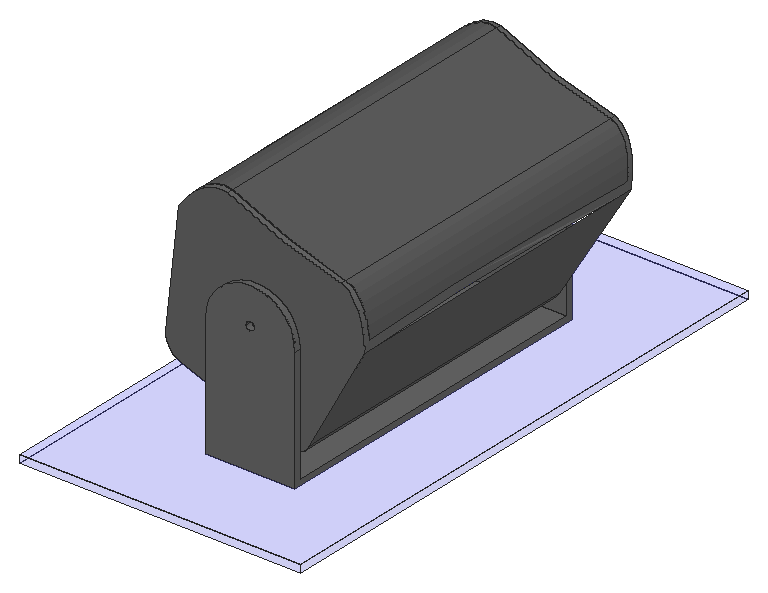
Revit family "AD-S8T - Yoke Mount", category Communication Devices, host Face, Revit 2012
Parameters
  Width = 254 mm
  Weight Product (lb) = 24.1
  Weight Product (kg) = 11
  Weight Dimensional (lb) = 32.1
  Weight Dimensional (kg) = 14.5
  URL = "TBA"
  Translated Angle [instance] = Rotation Angle + 90.00°  # 70.00°
  Sensitivity = 90
  SPL Max = 119
  Regulatory Compliance = "RoHS"
  Product Page URL = "TBA"
  Product Documentation Link = "TBA"
  Power Handling = 200
  Mount Width = 115 mm
  Mount Height = 445 mm
  Mount Depth = 215 mm
  Model = "AD-S8T"
  Manufacturer URL = "www.qscaudio.com"
  Manufacturer = "QSC Audio Products, LLC"
  Impedance = 8
  Height = 440 mm
  Grille Finish [instance] = Black Grille
  Enclosure Finish [instance] = Black Finish
  Description = "8\" 2-Way Surface Mount Loudspeaker"
  Depth = 254 mm
  Default Elevation = 0 mm
  Rotation Angle [instance] = -20.00°
  Coverage Vertical = 105.00°
  Coverage Horizontal = 105.00°
  70V Taps = "60, 30, 15, 7.5"
  100V Taps = "60, 30, 15"
Reference planes
  plane 1 "Center (Front/Back)": y = 0
  plane 2: z = 0
  plane 3 "Center (Left/Right)": x = 0
  plane 4 "Top": y = 222.5
  plane 5 "Bottom": y = -222.5
  plane 6 "Left": x = -57.5
  plane 7 "Right": x = 57.5
  plane 8 "Front": z = 215
  plane 9 "Front Surface of Wall": z = 8
  plane 10 "Speaker Mid Plane": y = 0
  plane 11: z = 168
Forms (mm)
  Extrusion 1, solid, material "Glass"
    sketch origin (0, -719.2, 0) x (1, 0, 0) y (0, 1, 0)
      loop
        line (-202.5, 1099.2) -> (-202.5, 379.126) -> (159.194, 379.126) -> (159.194, 1099.2) -> (-202.5, 1099.2)
    from 0 to -10
  Extrusion 2, solid, material "Black Finish" <- "Enclosure Finish"
    sketch origin (0, -222.5, 0) x (1, 0, 0) y (0, 0, -1)
      loop
        line (-57.5, 0) -> (-57.5, -157.5)
        arc (-57.5, -157.5) -> (0, -215) -> (57.5, -157.5) r 57.5
        line (57.5, -157.5) -> (57.5, 0) -> (-57.5, 0)
      loop
        circle (0, -168) r 5.5
    from 0 to 445 <- "Mount Height"
  Extrusion 3, void
    sketch origin (0, 0, 8) x (0, 1, 0) y (-1, 0, 0)
      loop
        line (214.5, 57.5) -> (-214.5, 57.5) -> (-214.5, -57.5) -> (214.5, -57.5) -> (214.5, 57.5)
    from 0 to 215 <- "Mount Depth"
Cuts and joins
  Extrusion 3 cuts Extrusion 2
Dimensions and locks
  equal spacing: plane 6 "Left", plane 3 "Center (Left/Right)", plane 7 "Right"
  "Mount Width": plane 6 "Left" to plane 7 "Right"
  equal spacing: plane 4 "Top", plane 1 "Center (Front/Back)", plane 5 "Bottom"
  "Mount Height": plane 4 "Top" to plane 5 "Bottom"
  "Mount Depth": plane 8 "Front" to level
  plane 9 "Front Surface of Wall" to Extrusion 1 = 8 mm
  Extrusion 3 sketch curve to plane 4 "Top" = 8 mm
  Extrusion 3 sketch curve to plane 5 "Bottom" = 8 mm
  "Translated Angle": angle plane 11 to nested 1
  aligned and locked: plane 2 to Extrusion 1
  aligned and locked: level to Extrusion 1
Automatic sketch dimensions
  Extrusion 1 sketch curve to Extrusion 1 sketch curve = 361.694 mm
  Extrusion 1 sketch curve to Extrusion 1 sketch curve = 720.074 mm
  Extrusion 2 sketch curve to level = 0 mm
  Extrusion 2 sketch curve to plane 6 "Left" = 0 mm
  Extrusion 2 sketch curve to plane 3 "Center (Left/Right)" = 0 mm
  plane 7 "Right" to Extrusion 2 sketch curve = 0 mm
  plane 8 "Front" to Extrusion 2 sketch curve = 57.5 mm
  Extrusion 2 sketch curve to Extrusion 2 sketch curve = 10.5 mm
  Extrusion 3 sketch curve to plane 6 "Left" = 0 mm
  Extrusion 3 sketch curve to plane 7 "Right" = 0 mm
  Extrusion 3 sketch curve to plane 4 "Top" = 8 mm
  radius of Extrusion 2 sketch curve = 5.5 mm
Nested families
  nested 1: "AD-S8T" at (45.24, 0, 292.296) x (-0.9397, 0, 0.342) z (0, -1, 0), type "AD-S8T"
  nested 2: "AD-S8T" at (-73.966, 0, 277.659) x (-0.829, 0, -0.5592) z (0, -1, 0), type "AD-S8T", not visible
Connectors
  electrical at (-38.306, -125, 62.754)
    settings: on nested 1, index 1, voltage 0 V, apparent load 0 VA, apparent load phase1 0 VA, apparent load phase2 0 VA, apparent load phase3 0 VA, power factor 1, load classification "Other", number of poles 1, system type 14, power factor state 1, is connector primary yes, connector utility no, sub classification motor no, connector description "Speaker Input"
  electrical at (-38.306, -125, 62.754)
    settings: on nested 1, index 2, voltage 0 V, apparent load 0 VA, apparent load phase1 0 VA, apparent load phase2 0 VA, apparent load phase3 0 VA, power factor 1, load classification "Other", number of poles 1, system type 14, power factor state 1, is connector primary no, connector utility no, sub classification motor no, connector description "Parallel Output"
Definition of nested family "AD-S8T"
  Parameters (values of type "AD-S8T")
    Width = 254 mm
    Weight Dimensional (lb) = 32.1
    Weight Dimensional (kg) = 14.5
    URL = "TBA"
    Sensitivity = 90
    SPL Max = 119
    Rotation Axis Distance = 2491.3 mm
    Regulatory Compliance = "RoHS"
    Product Page URL = "TBA"
    Product Documentation Link = "TBA"
    Weight Product (kg) = 11
    Weight Product (lb) = 24.1
    Power Handling = 200
    Model = "AD-S8T"
    Mid Depth = 244.9 mm
    Manufacturer URL = "www.qscaudio.com"
    Manufacturer = "QSC Audio Products, LLC"
    Impedance = 8
    Height [instance] = 439.98 mm
    Grille Finish = Glass
    Enclosure Finish = Black Finish
    Description = "8\" 2-Way Surface Mount Loudspeaker"
    Depth [instance] = 254.273 mm
    Coverage Vertical = 105.00°
    Coverage Horizontal = 105.00°
    70V Taps = "60, 30, 15, 7.5"
    100V Taps = "60, 30, 15"
  Reference planes
    plane 1 "Center (Front/Back) (Grille Extent)": y = 0
    plane 2: z = 0
    plane 3 "Center (Left/Right)": x = 0
    plane 4 "Rotation Axis Plane": y = 2491.3
    plane 5: x = -127
    plane 6: x = 127
    plane 7: x = 70.565
    plane 8: x = -70.565
    plane 9: y = 61.1
    plane 10: x = -98.25
    plane 11: x = 98.25
    plane 12: y = 231.7
    plane 13: x = -77.915
    plane 14: x = 77.915
    plane 15: y = 4.6
    plane 16 "Back Plane": y = 254.273
    plane 17: y = 245.5
    plane 18: y = 55.488
    plane 19: x = -123.533
    plane 20: x = 123.533
    plane 21: x = 70.565
    plane 22: x = -70.565
    plane 23: y = 61.1
    plane 24: x = -98.25
    plane 25: x = 98.25
    plane 26: y = 231.7
    plane 27: x = -77.915
    plane 28: x = 77.915
    plane 29: y = 4.6
    plane 30: y = 245.5
    plane 31: y = 55.488
    plane 32: x = -123.533
    plane 33: x = 123.533
    plane 34: z = 145
    plane 35: z = 105
    plane 36: x = -40
    plane 37: x = 40
    plane 38 "Top Plane": z = 219.99
    plane 39: z = -219.99
  Forms (mm)
    Revolve 1, solid, material "Black Finish" <- "Enclosure Finish"
      sketch origin (0, 0, 0) x (1, 0, 0) y (0, 1, 0)
        loop
          arc (-70.565, 245.5) -> (-89.024, 239.332) -> (-98.887, 222.553) r 27.74
          line (-98.887, 222.553) -> (-127, 61.1)
          spline (-127, 61.1) -> (-124.054, 51.779) -> (-120.9, 43.226) -> (-117.538, 35.443) -> (-113.968, 28.429) -> (-110.189, 22.184) -> (-106.203, 16.707) -> (-102.009, 12) -> (-97.606, 8.062) -> (-92.995, 4.893) -> (-88.177, 2.493) -> (-83.15, 0.862) -> (-77.915, 0)
          spline (-77.915, 0) -> (-64.929, 1.462) -> (-51.943, 2.657) -> (-38.957, 3.588) -> (-25.972, 4.252) -> (-12.986, 4.65) -> (0, 4.783) -> (12.986, 4.65) -> (25.972, 4.252) -> (38.957, 3.588) -> (51.943, 2.657) -> (64.929, 1.462) -> (77.915, 0)
          spline (77.915, 0) -> (83.15, 0.862) -> (88.177, 2.493) -> (92.995, 4.893) -> (97.606, 8.062) -> (102.009, 12) -> (106.203, 16.707) -> (110.189, 22.184) -> (113.968, 28.429) -> (117.538, 35.443) -> (120.9, 43.226) -> (124.054, 51.779) -> (127, 61.1)
          line (127, 61.1) -> (98.887, 222.553)
          arc (98.887, 222.553) -> (89.024, 239.332) -> (70.565, 245.5) r 27.74
          line (70.565, 245.5) -> (-70.565, 245.5)
        axis (-127, 2491.3) -> (127, 2491.3)
      angle from -5.066 to 5.066
    Revolve 2, void
      sketch origin (0, 0, 0) x (1, 0, 0) y (0, 1, 0)
        loop
          line (-123.533, 55.488) -> (-123.533, 0) -> (123.533, 0) -> (123.533, 55.488) -> (-123.533, 55.488)
        axis (-123.533, 2491.3) -> (123.533, 2491.3)
      angle from -4.9 to 4.9
    Revolve 3, solid, material "Glass" <- "Grille Finish"
      sketch origin (0, 0, 0) x (1, 0, 0) y (0, 1, 0)
        loop
          spline (-77.915, 0) -> (-64.929, 1.462) -> (-51.943, 2.657) -> (-38.957, 3.588) -> (-25.972, 4.252) -> (-12.986, 4.65) -> (0, 4.783) -> (12.986, 4.65) -> (25.972, 4.252) -> (38.957, 3.588) -> (51.943, 2.657) -> (64.929, 1.462) -> (77.915, 0)
          spline (77.915, 0) -> (82.486, 0.473) -> (86.917, 1.621) -> (91.208, 3.445) -> (95.359, 5.945) -> (99.37, 9.121) -> (103.242, 12.972) -> (106.973, 17.499) -> (110.565, 22.702) -> (114.017, 28.581) -> (117.328, 35.135) -> (120.5, 42.365) -> (123.533, 50.27)
          line (123.533, 50.27) -> (-123.533, 50.27)
          spline (-123.533, 50.27) -> (-120.5, 42.365) -> (-117.328, 35.135) -> (-114.017, 28.581) -> (-110.565, 22.702) -> (-106.973, 17.499) -> (-103.242, 12.972) -> (-99.37, 9.121) -> (-95.359, 5.945) -> (-91.208, 3.445) -> (-86.917, 1.621) -> (-82.486, 0.473) -> (-77.915, 0)
        axis (-123.533, 2491.3) -> (123.533, 2491.3)
      angle from -4.9 to 4.9
    Extrusion 4, void
      sketch origin (0, 254.273, 0) x (-1, 0, 0) y (0, 0, -1)
        loop
          line (-40, -145) -> (40, -145) -> (40, -105) -> (-40, -105) -> (-40, -145)
      from 0 to 10
  Cuts and joins
    Revolve 2, Extrusion 4 cuts Revolve 1
  Lines and regions (mm)
    model lines, detail levels fine
      curve 1: line (3.708, 42.266, 217.133) -> (-0.256, 47.468, 216.677)
      curve 2: line (-0.256, 47.468, 216.677) -> (3.708, 42.266, 217.133)
      curve 3: line (-14.626, 42.916, 217.076) -> (-13.128, 48.282, 216.606)
      curve 4: line (-13.128, 48.282, 216.606) -> (-14.626, 42.916, 217.076)
      curve 5: line (-12.125, 39.363, 217.387) -> (-13.242, 49.293, 216.518)
      curve 6: line (-13.242, 49.293, 216.518) -> (-12.125, 39.363, 217.387)
      curve 7: line (9.015, 46.31, 216.779) -> (12.549, 43.724, 217.005)
      curve 8: line (12.549, 43.724, 217.005) -> (9.015, 46.31, 216.779)
      curve 17: line (-125.423, 79.615, 4.687) -> (-124.55, 84.607, 0.84)
      curve 18: line (-124.55, 84.607, 0.84) -> (-125.423, 79.615, 4.687)
      curve 19: line (-125.314, 80.239, -13.106) -> (-124.414, 85.388, -11.652)
      curve 20: line (-124.414, 85.388, -11.652) -> (-125.314, 80.239, -13.106)
      curve 21: line (-125.91, 76.829, -10.678) -> (-124.244, 86.359, -11.763)
      curve 22: line (-124.244, 86.359, -11.763) -> (-125.91, 76.829, -10.678)
      curve 23: line (-124.744, 83.496, 9.837) -> (-125.178, 81.014, 13.267)
      curve 24: line (-125.178, 81.014, 13.267) -> (-124.744, 83.496, 9.837)
      curve 33: line (125.381, 79.608, -4.687) -> (124.509, 84.6, -0.84)
      curve 34: line (124.509, 84.6, -0.84) -> (125.381, 79.608, -4.687)
      curve 35: line (125.272, 80.231, 13.106) -> (124.372, 85.381, 11.652)
      curve 36: line (124.372, 85.381, 11.652) -> (125.272, 80.231, 13.106)
      curve 37: line (125.868, 76.822, 10.678) -> (124.203, 86.351, 11.763)
      curve 38: line (124.203, 86.351, 11.763) -> (125.868, 76.822, 10.678)
      curve 39: line (124.703, 83.489, -9.837) -> (125.137, 81.007, -13.267)
      curve 40: line (125.137, 81.007, -13.267) -> (124.703, 83.489, -9.837)
      curve 42: line (3.708, 42.266, -217.133) -> (-0.256, 47.468, -216.677)
      curve 43: line (-0.256, 47.468, -216.677) -> (3.708, 42.266, -217.133)
      curve 44: line (-14.626, 42.916, -217.076) -> (-13.128, 48.282, -216.606)
      curve 45: line (-13.128, 48.282, -216.606) -> (-14.626, 42.916, -217.076)
      curve 46: line (-12.125, 39.363, -217.387) -> (-13.242, 49.293, -216.518)
      curve 47: line (-13.242, 49.293, -216.518) -> (-12.125, 39.363, -217.387)
      curve 48: line (9.015, 46.31, -216.779) -> (12.549, 43.724, -217.005)
      curve 49: line (12.549, 43.724, -217.005) -> (9.015, 46.31, -216.779)
    model lines, not visible, detail levels fine
      curve 9: line (-9.316, 28.409, 0.821) -> (-13.279, 33.631, 0.827)
      curve 10: line (-13.279, 33.631, 0.827) -> (-9.316, 28.409, 0.821)
      curve 11: line (-27.649, 29.061, 0.821) -> (-26.152, 34.448, 0.828)
      curve 12: line (-26.152, 34.448, 0.828) -> (-27.649, 29.061, 0.821)
      curve 13: line (-25.148, 25.494, 0.817) -> (-26.266, 35.463, 0.829)
      curve 14: line (-26.266, 35.463, 0.829) -> (-25.148, 25.494, 0.817)
      curve 15: line (-4.009, 32.469, 0.825) -> (-0.474, 29.872, 0.822)
      curve 16: line (-0.474, 29.872, 0.822) -> (-4.009, 32.469, 0.825)
      curve 25: line (19.441, -60.935, 26.087) -> (15.594, -55.867, 26.087)
      curve 26: line (15.594, -55.867, 26.087) -> (19.441, -60.935, 26.087)
      curve 27: line (1.648, -60.302, 26.087) -> (3.102, -55.074, 26.087)
      curve 28: line (3.102, -55.074, 26.087) -> (1.648, -60.302, 26.087)
      curve 29: line (4.076, -63.763, 26.087) -> (2.991, -54.089, 26.087)
      curve 30: line (2.991, -54.089, 26.087) -> (4.076, -63.763, 26.087)
      curve 31: line (24.591, -56.995, 26.087) -> (28.021, -59.515, 26.087)
      curve 32: line (28.021, -59.515, 26.087) -> (24.591, -56.995, 26.087)
    model lines, detail levels medium+fine
      curve 41: circle (0, 131.794, -209.169) r 12 normal (0, 0.0883, -0.9961)
      curve 51: circle (0, 131.794, 209.169) r 12 normal (0, -0.0883, -0.9961)
    model lines, not visible, detail levels medium+fine
      curve 50: circle (0, 132.273, -219.99) r 12 normal (0, 0, -1)
  Dimensions and locks
    "Rotation Axis Distance": plane 4 "Rotation Axis Plane" to plane 1 "Center (Front/Back) (Grille Extent)"
    equal spacing: plane 5, plane 3 "Center (Left/Right)", plane 6
    "Width": plane 5 to plane 6
    equal spacing: plane 8, plane 3 "Center (Left/Right)", plane 7
    plane 8 to plane 7 = 141.129 mm
    plane 10 to plane 11 = 196.5 mm
    equal spacing: plane 10, plane 3 "Center (Left/Right)", plane 11
    equal spacing: plane 13, plane 3 "Center (Left/Right)", plane 14
    plane 13 to plane 14 = 155.829 mm
    plane 15 to plane 1 "Center (Front/Back) (Grille Extent)" = 4.6 mm
    "Depth": plane 16 "Back Plane" to plane 1 "Center (Front/Back) (Grille Extent)"
    plane 17 to plane 1 "Center (Front/Back) (Grille Extent)" = 245.5 mm
    equal spacing: plane 19, plane 3 "Center (Left/Right)", plane 20
    plane 19 to plane 20 = 247.065 mm
    plane 22 to plane 21 = 141.129 mm  (x2)
    plane 24 to plane 25 = 196.5 mm  (x2)
    plane 27 to plane 28 = 155.829 mm  (x2)
    plane 32 to plane 33 = 247.065 mm
    plane 34 to plane 35 = 40 mm
    equal spacing: plane 36, plane 3 "Center (Left/Right)", plane 37
    plane 36 to plane 37 = 80 mm
    "Height": plane 38 "Top Plane" to plane 39
    aligned and locked: plane 2 to level
    aligned and locked: Revolve 1 to plane 16 "Back Plane"
    aligned and locked: Revolve 1 sketch curve to plane 17
    aligned and locked: Revolve 2 sketch curve to plane 4 "Rotation Axis Plane"
    aligned and locked: Revolve 2 sketch curve to plane 18
    aligned and locked: Revolve 2 sketch curve to plane 19
    aligned and locked: Revolve 2 sketch curve to plane 1 "Center (Front/Back) (Grille Extent)"
    aligned and locked: Revolve 2 sketch curve to plane 20
    aligned and locked: cut or joined group of Revolve 1, Revolve 2, Extrusion 4 to curve 23
    aligned and locked: plane 34 to Extrusion 4 sketch curve
    aligned and locked: plane 37 to Extrusion 4 sketch curve
    aligned and locked: Extrusion 4 sketch curve to plane 35
    aligned and locked: Extrusion 4 sketch curve to plane 36
    aligned and locked: plane 38 "Top Plane" to cut or joined group of Revolve 1, Revolve 2, Extrusion 4
    aligned and locked: plane 39 to cut or joined group of Revolve 1, Revolve 2, Extrusion 4
  Automatic sketch dimensions
    Revolve 1 sketch curve to plane 5 = 0 mm  (x2)
    Revolve 1 sketch curve to plane 4 "Rotation Axis Plane" = 0 mm
    plane 1 "Center (Front/Back) (Grille Extent)" to Revolve 1 sketch curve = 0 mm
    Revolve 1 sketch curve to plane 13 = 0 mm
    Revolve 1 sketch curve to plane 8 = 0 mm
    Revolve 1 sketch curve to plane 7 = 0 mm
    Revolve 1 sketch curve to plane 14 = 0 mm
    Revolve 1 sketch curve to plane 6 = 0 mm  (x2)
    Revolve 1 sketch curve to plane 9 = 0 mm  (x2)
    Revolve 1 sketch curve to plane 10 = 0.637 mm
    plane 8 to Revolve 1 sketch curve = 0.997 mm
    plane 7 to Revolve 1 sketch curve = 0.997 mm
    Revolve 1 sketch curve to plane 11 = 0.637 mm
    Revolve 1 sketch curve to Revolve 1 sketch curve = 27.722 mm  (x2)
    Revolve 2 sketch curve to plane 3 "Center (Left/Right)" = 0 mm
    Revolve 2 sketch curve to plane 6 = 0 mm
    Revolve 3 sketch curve to plane 4 "Rotation Axis Plane" = 0 mm
    Revolve 3 sketch curve to plane 5 = 0 mm
    Revolve 3 sketch curve to plane 32 = 0 mm
    plane 1 "Center (Front/Back) (Grille Extent)" to Revolve 3 sketch curve = 0 mm
    Revolve 3 sketch curve to plane 27 = 0 mm
    Revolve 3 sketch curve to plane 28 = 0 mm
    Revolve 3 sketch curve to plane 33 = 0 mm
    Revolve 3 sketch curve to plane 6 = 0 mm
    Revolve 3 sketch curve to plane 31 = 5.217 mm
    curve 19 to curve 20 = 0 mm  (x2)
    curve 19 to curve 21 = 1.343 mm
    curve 22 to curve 21 = 0 mm  (x3)
    curve 22 to curve 19 = 0.11 mm
    curve 20 to curve 19 = 0 mm
    curve 19 to curve 21 = 2.427 mm
    curve 19 to curve 18 = 12.493 mm
    curve 17 to curve 18 = 0 mm
    curve 17 to curve 17 = 3.846 mm
    curve 18 to curve 17 = 0 mm  (x3)
    curve 17 to curve 24 = 5.151 mm
    curve 23 to curve 24 = 0 mm  (x2)
    curve 23 to curve 24 = 3.43 mm
    curve 21 to curve 22 = 0 mm
    curve 21 to curve 17 = 2.829 mm
    curve 21 to curve 20 = 3.461 mm
    curve 17 to curve 23 = 1.42 mm
    curve 24 to curve 23 = 0 mm  (x2)
    curve 23 to curve 23 = 2.52 mm
    curve 18 to curve 17 = 5.068 mm
    curve 19 to curve 20 = 5.228 mm
    curve 27 to curve 28 = 0 mm  (x2)
    curve 27 to curve 29 = 1.343 mm
    curve 30 to curve 29 = 0 mm  (x3)
    curve 30 to curve 27 = 0.11 mm
    curve 28 to curve 27 = 0 mm
    curve 27 to curve 29 = 2.427 mm
    curve 27 to curve 26 = 12.493 mm
    curve 25 to curve 26 = 0 mm
    curve 25 to curve 25 = 3.846 mm
    curve 26 to curve 25 = 0 mm  (x3)
    curve 25 to curve 32 = 5.151 mm
    curve 31 to curve 32 = 0 mm  (x2)
    curve 31 to curve 32 = 3.43 mm
    curve 29 to curve 30 = 0 mm
    curve 29 to curve 25 = 2.829 mm
    curve 29 to curve 28 = 3.461 mm
    curve 25 to curve 31 = 1.42 mm
    curve 32 to curve 31 = 0 mm  (x2)
    curve 31 to curve 31 = 2.52 mm
    curve 26 to curve 25 = 5.068 mm
    curve 27 to curve 28 = 5.228 mm
    curve 35 to curve 36 = 0 mm  (x2)
    curve 35 to curve 37 = 1.343 mm
    curve 38 to curve 37 = 0 mm  (x3)
    curve 38 to curve 35 = 0.11 mm
    curve 36 to curve 35 = 0 mm
    curve 35 to curve 37 = 2.427 mm
    curve 35 to curve 34 = 12.493 mm
    curve 33 to curve 34 = 0 mm
    curve 33 to curve 33 = 3.846 mm
    curve 34 to curve 33 = 0 mm  (x3)
    curve 33 to curve 40 = 5.151 mm
    curve 39 to curve 40 = 0 mm  (x2)
    curve 39 to curve 40 = 3.43 mm
    curve 37 to curve 38 = 0 mm
    curve 37 to curve 33 = 2.829 mm
    curve 37 to curve 36 = 3.461 mm
    curve 33 to curve 39 = 1.42 mm
    curve 40 to curve 39 = 0 mm  (x2)
    curve 39 to curve 39 = 2.52 mm
    curve 34 to curve 33 = 5.068 mm
    curve 35 to curve 36 = 5.228 mm
